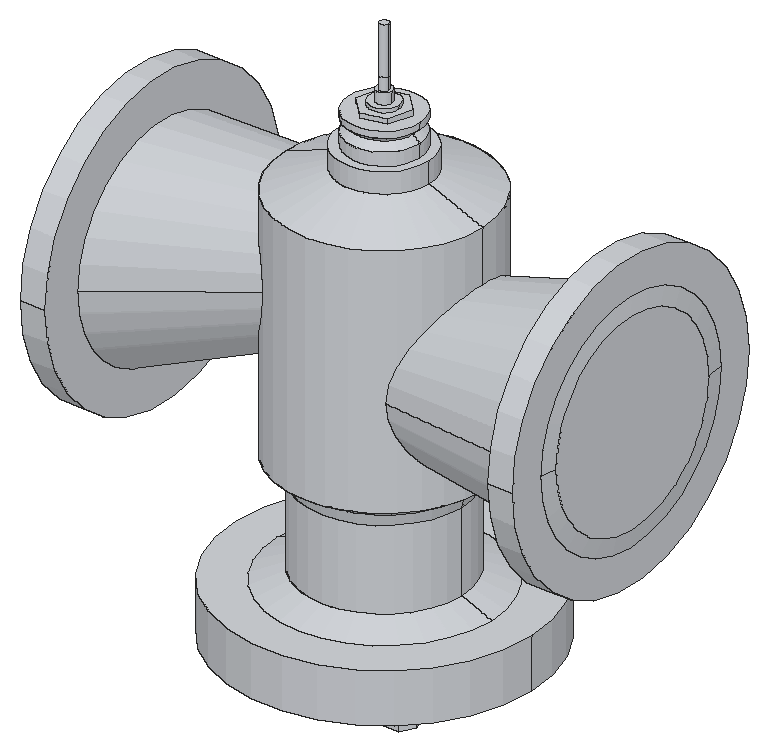
Revit family "2FGB-B_PN16_DN150_RFA_2018", category Pipe Accessories, Revit 2018
Family settings
  Round Connector Dimension = Use Diameter
  Part Type = Valve - Breaks Into
  Work Plane-Based = No
  Always vertical = Yes
  Cut with Voids When Loaded = No
  Shared = No
Parameters (values of type "2FGB-B PN16 DN150")
  magiProductId = ""
  magiProductFamilyId = ""
  magiPartTypeId = 306
  isMeasuringValve [instance] = no
  ang2D [instance] = 0.00°
  Z9 = 4.2 mm
  Z8 = 5.7 mm
  Z7 = 3 mm
  Z6 = 6 mm
  Z5 = 6 mm
  Z4 = 12 mm
  Z3 = 227.45 mm
  Z19 = 9.9 mm
  Z15 = 54.95 mm
  Z14__ve = -Z14  # -19.625 mm
  Z14 = 19.625 mm
  Z13 = 10.97 mm
  Z12 = 76.79 mm
  Z10 = 5.1 mm
  X4 = 47.6 mm
  X2__ve = -X2  # -23.8 mm
  X2 = 23.8 mm
  X1 = 2 mm
  W2D = 150 mm
  VersionID = ""
  Use Minimum Symbol Size [instance] = yes
  URL = "www.hydronix.cz"
  Type Comments = "Přírubový; EQM charakteristika; PN16; -10~+150°C; tlakově vyvážená kuželka"
  R9 = 4 mm
  R7 = 13.88 mm
  R6 = 23.134 mm
  R5 = 27.418 mm
  R4 = 34.272 mm
  R3 = 42.84 mm
  R2 = 77.625 mm
  R13 = 74.52 mm
  R12 = 7.287 mm
  R1 = 62.1 mm
  QmdConnectorList = "301;D;302;D"
  Productdata [instance] = "2FGB150B (DN150; PN16; kvs300; tlakově vyvážená kuželka)"
  Manufacturer = "Hydronix"
  Maintenance Zone Under Depth [instance] = 207 mm
  Maintenance Zone Right Depth [instance] = 175 mm
  Maintenance Zone Over Depth [instance] = 221 mm
  Maintenance Zone Left Depth [instance] = 175 mm
  Maintenance Zone Front Depth [instance] = 110 mm
  Maintenance Zone Back Depth [instance] = 110 mm
  Maintenance Zone Front Visibility [instance] = no
  LT2 = 240 mm
  L2D_Min = 3048 mm
  L2D = 480 mm
  HCDT2 = 103.5 mm
  H4 = 277 mm
  H3 = 157 mm
  H2 = 45 mm
  FDT2 = 142.5 mm
  Description = "2 cestný regulační ventil přírubový; DN150; PN16; kvs300; zdvih 45mm"
  D4 = 92.65 mm
  D3 = 109 mm
  D2 = 95.2 mm
  D = 150 mm
  CenSd_R6_6 = R6 * cos(30.00°)  # 20.034 mm
  CenSd_A_6 = A * cos(30.00°)  # 12.341 mm
  Clearance Zone Height Depth [instance] = 221 mm
  CZONC [instance] = 175 mm
  Clearance Zone Visibility [instance] = no
  B1 = 84.853 mm
  A = 14.25 mm
Types (5, lengths in mm): name | Z9 | Z8 | Z6 | Z5 | Z4 | Z3 | Z19 | Z15 | Z14__ve | Z14 | Z13 | Z12 | Z10 | X4 | X2__ve | X2 | W2D | R7 | R6 | R5 | R4 | R3 | R2 | R13 | R12 | R1 | Productdata | LT2 | L2D | HCDT2 | H4 | H3 | H2 | FDT2 | Description | D4 | D3 | D2 | D | CenSd_R6_6 | CenSd_A_6 | B1 | A
  2FGB-B PN16 DN100 | 4.165 | 5.602 | 5.95 | 5.95 | 11.9 | 168.575 | 9.767 | 40.775 | -14.562 | 14.562 | 8.12 | 56.84 | 5.082 | 34.6 | -17.3 | 17.3 | 100 | 10.089 | 16.816 | 19.93 | 24.912 | 31.14 | 57.375 | 55.08 | 5.297 | 45.9 | "2FGB100B (DN100; PN16; kvs130; tlakově vyvážená kuželka)" | 175 | 350 | 76.5 | 207 | 116.5 | 45 | 110 | "2 cestný regulační ventil přírubový; DN100; PN16; kvs130; zdvih 45mm" | 68.85 | 81 | 69.2 | 100 | 14.563 | 9.526 | 63.64 | 11
  2FGB-B PN16 DN080 | 4.2 | 5.7 | 6 | 6 | 12 | 151.95 | 9.9 | 36.75 | -13.125 | 13.125 | 7.32 | 51.24 | 5.1 | 30.6 | -15.3 | 15.3 | 80 | 8.923 | 14.872 | 17.626 | 22.032 | 27.54 | 49.875 | 47.88 | 4.685 | 39.9 | "2FGB80B (DN80; PN16; kvs100; tlakově vyvážená kuželka)" | 155 | 310 | 66.5 | 187 | 105 | 45 | 100 | "2 cestný regulační ventil přírubový; DN80; PN16; kvs100; zdvih 45mm" | 60.35 | 71 | 61.2 | 80 | 12.879 | 8.66 | 56.569 | 10
  2FGB-B PN16 DN065 | 4.2 | 5.7 | 6 | 6 | 12 | 139.45 | 9.9 | 33.25 | -11.875 | 11.875 | 6.82 | 47.74 | 5.1 | 28.6 | -14.3 | 14.3 | 65 | 8.34 | 13.9 | 16.474 | 20.592 | 25.74 | 44.25 | 42.48 | 4.378 | 35.4 | "2FGB65B (DN65; PN16; kvs63; tlakově vyvážená kuželka)" | 145 | 290 | 59 | 175 | 95 | 25 | 92.5 | "2 cestný regulační ventil přírubový; DN65; PN16; kvs63; zdvih 25mm" | 53.975 | 63.5 | 57.2 | 65 | 12.037 | 8.011 | 51.265 | 9.25
  2FGB-B PN16 DN150 | 4.2 | 5.7 | 6 | 6 | 12 | 227.45 | 9.9 | 54.95 | -19.625 | 19.625 | 10.97 | 76.79 | 5.1 | 47.6 | -23.8 | 23.8 | 150 | 13.88 | 23.134 | 27.418 | 34.272 | 42.84 | 77.625 | 74.52 | 7.287 | 62.1 | "2FGB150B (DN150; PN16; kvs300; tlakově vyvážená kuželka)" | 240 | 480 | 103.5 | 277 | 157 | 45 | 142.5 | "2 cestný regulační ventil přírubový; DN150; PN16; kvs300; zdvih 45mm" | 92.65 | 109 | 95.2 | 150 | 20.034 | 12.341 | 84.853 | 14.25
  2FGB-B PN16 DN125 | 4.2 | 5.7 | 6 | 6 | 12 | 196.45 | 9.9 | 48.65 | -17.375 | 17.375 | 9.22 | 64.54 | 5.1 | 39.6 | -19.8 | 19.8 | 125 | 11.547 | 19.246 | 22.81 | 28.512 | 35.64 | 68.625 | 65.88 | 6.062 | 54.9 | "2FGB125B (DN125; PN16; kvs200; tlakově vyvážená kuželka)" | 200 | 400 | 91.5 | 234 | 139 | 45 | 125 | "2 cestný regulační ventil přírubový; DN125; PN16; kvs200; zdvih 45mm" | 81.6 | 96 | 79.2 | 125 | 16.667 | 10.825 | 74.246 | 12.5
Reference planes
  plane 1 "Center (Front/Back)": y = 0
  plane 2 "XYPLANE": z = 0
  plane 3 "Center (Left/Right)": x = 0
  plane 4 "234": y = -84.853
  plane 5 "233": x = 84.853
  plane 6 "232": x = -84.853
  plane 7 "231": y = 84.853
  plane 8 "225": z = -267
  plane 9 "223": z = 221
  plane 10 "221": x = -175
  plane 11 "220": x = 175
  plane 12 "219": y = -110
  plane 13 "218": y = 110
  plane 14 "196": z = -207
  plane 15 "182": z = 217
  plane 16 "161": z = 205
  plane 17 "158": z = 199.3
  plane 18 "150": z = 195.1
  plane 19 "148": z = 192.1
  plane 20 "142": z = 187
  plane 21 "136": z = 181
  plane 22 "135": z = 175
  plane 23 "131": z = 169
  plane 24 "78": z = 117.75
  plane 25 "77": z = 137.375
  plane 26 "74": z = 157
  plane 27 "70": z = -109.7
  plane 28 "65": z = -120.67
  plane 29 "64": z = -131.64
  plane 30 "58": z = -208.43
  plane 31 "57": z = -219.4
  plane 32 "46": z = -277
  plane 33 "28": x = 214.2
  plane 34 "27": x = 238
  plane 35 "21": z = -20
  plane 36 "16": z = 54.95
  plane 37 "13": x = -214.2
  plane 38 "7": x = -238
  plane 39 "6": x = 240
  plane 40 "5": x = -240
  plane 41 "3": y = 0
  plane 42 "2": z = 0
  plane 43 "1": x = 0
Forms (mm)
  Extrusion 1, solid
    sketch origin (-750, 0, -277) x (1, 0, 0) y (0, 1, 0)
      loop
        line (849.103, -84.853) -> (841.978, -72.512) -> (827.728, -72.512) -> (820.603, -84.853) -> (827.728, -97.194) -> (841.978, -97.194) -> (849.103, -84.853)
    from 0 to 10
  Extrusion 2, solid
    sketch origin (-750, 0, -277) x (1, 0, 0) y (0, 1, 0)
      loop
        line (679.397, -84.853) -> (672.272, -72.512) -> (658.022, -72.512) -> (650.897, -84.853) -> (658.022, -97.194) -> (672.272, -97.194) -> (679.397, -84.853)
    from 0 to 10
  Extrusion 3, solid
    sketch origin (-750, 0, -277) x (1, 0, 0) y (0, 1, 0)
      loop
        line (849.103, 84.853) -> (841.978, 97.194) -> (827.728, 97.194) -> (820.603, 84.853) -> (827.728, 72.512) -> (841.978, 72.512) -> (849.103, 84.853)
    from 0 to 10
  Extrusion 4, solid
    sketch origin (-750, 0, -277) x (1, 0, 0) y (0, 1, 0)
      loop
        line (679.397, 84.853) -> (672.272, 97.194) -> (658.022, 97.194) -> (650.897, 84.853) -> (658.022, 72.512) -> (672.272, 72.512) -> (679.397, 84.853)
    from 0 to 10
  Blend 5, solid, visible <- "Maintenance Zone Front Visibility"
    base sketch origin (-750, 0, 221) x (1, 0, 0) y (0, 1, 0)
      loop
        line (575, 110) -> (575, -110) -> (925, -110) -> (925, 110) -> (575, 110)
    top sketch origin (-750, 0, 221) x (1, 0, 0) y (0, 1, 0)
      loop
        line (575, 110) -> (575, -110) -> (925, -110) -> (925, 110) -> (575, 110)
    from 0 to -428
  Extrusion 6, solid, visible <- "Clearance Zone Visibility"
    sketch origin (-750, 0, 0) x (1, 0, 0) y (0, 1, 0)
      loop
        circle (750, 0) r 175
    from 0 to 221 <- "Clearance Zone Height Depth"
  Extrusion 7, solid
    sketch origin (-750, 0, 195.1) x (1, 0, 0) y (0, 1, 0)
      loop
        circle (750, 0) r 7.287
    from 0 to 9.9 <- "Z19"
  Extrusion 8, solid
    sketch origin (-750, 0, 217) x (1, 0, 0) y (0, 1, 0)
      loop
        circle (750, 0) r 4
    from 0 to 45 <- "H2"
  Extrusion 9, solid
    sketch origin (-750, 0, 205) x (1, 0, 0) y (0, 1, 0)
      loop
        circle (750, 0) r 4
    from 0 to 12 <- "Z4"
  Extrusion 10, solid
    sketch origin (-750, 0, 192.1) x (1, 0, 0) y (0, 1, 0)
      loop
        circle (750, 0) r 13.88
    from 0 to 3 <- "Z7"
  Extrusion 11, solid
    sketch origin (-750, 0, 187) x (1, 0, 0) y (0, 1, 0)
      loop
        line (766.358, -16.358) -> (772.345, 5.987) -> (755.987, 22.345) -> (733.642, 16.358) -> (727.655, -5.987) -> (744.013, -22.345) -> (766.358, -16.358)
    from 0 to 5.1 <- "Z10"
  Extrusion 12, solid
    sketch origin (-750, 0, 181) x (1, 0, 0) y (0, 1, 0)
      loop
        circle (750, 0) r 34.272
    from 0 to 6 <- "Z6"
  Blend 13, solid
    base sketch origin (-750, 0, 175) x (1, 0, 0) y (0, 1, 0)
      loop
        circle (750, 0) r 27.418
    top sketch origin (-750, 0, 175) x (1, 0, 0) y (0, 1, 0)
      loop
        circle (750, 0) r 34.272
    from 0 to 6
  Blend 14, solid
    base sketch origin (-750, 0, 169) x (1, 0, 0) y (0, 1, 0)
      loop
        circle (750, 0) r 34.272
    top sketch origin (-750, 0, 169) x (1, 0, 0) y (0, 1, 0)
      loop
        circle (750, 0) r 27.418
    from 0 to 6
  Extrusion 15, solid
    sketch origin (-750, 0, 157) x (1, 0, 0) y (0, 1, 0)
      loop
        circle (750, 0) r 34.272
    from 0 to 12 <- "Z4"
  Extrusion 16, solid
    sketch origin (-750, 0, 157) x (1, 0, 0) y (0, 1, 0)
      loop
        circle (750, 0) r 42.84
    from 0 to -19.625 <- "Z14__ve"
  Blend 17, solid
    base sketch origin (-750, 0, 117.75) x (1, 0, 0) y (0, 1, 0)
      loop
        circle (750, 0) r 95.2
    top sketch origin (-750, 0, 117.75) x (1, 0, 0) y (0, 1, 0)
      loop
        circle (750, 0) r 42.84
    from 0 to 19.625
  Blend 18, solid
    base sketch origin (-750, 0, -120.67) x (1, 0, 0) y (0, 1, 0)
      loop
        circle (750, 0) r 77.625
    top sketch origin (-750, 0, -120.67) x (1, 0, 0) y (0, 1, 0)
      loop
        circle (750, 0) r 95.2
    from 0 to 10.97
  Blend 19, solid
    base sketch origin (-750, 0, -131.64) x (1, 0, 0) y (0, 1, 0)
      loop
        circle (750, 0) r 74.52
    top sketch origin (-750, 0, -131.64) x (1, 0, 0) y (0, 1, 0)
      loop
        circle (750, 0) r 77.625
    from 0 to 10.97
  Extrusion 20, solid
    sketch origin (-750, 0, -208.43) x (1, 0, 0) y (0, 1, 0)
      loop
        circle (750, 0) r 74.52
    from 0 to 76.79 <- "Z12"
  Blend 21, solid
    base sketch origin (-750, 0, -219.4) x (1, 0, 0) y (0, 1, 0)
      loop
        circle (750, 0) r 103.5
    top sketch origin (-750, 0, -219.4) x (1, 0, 0) y (0, 1, 0)
      loop
        circle (750, 0) r 74.52
    from 0 to 10.97
  Extrusion 22, solid
    sketch origin (-750, 0, -267) x (1, 0, 0) y (0, 1, 0)
      loop
        circle (750, 0) r 142.5
    from 0 to 47.6 <- "X4"
  Blend 23, solid
    base sketch origin (238, -750, 0) x (0, 1, 0) y (0, 0, 1)
      loop
        circle (750, 0) r 109
    top sketch origin (238, -750, 0) x (0, 1, 0) y (0, 0, 1)
      loop
        circle (750, 0) r 92.65
    from 0 to 2
  Blend 24, solid
    base sketch origin (-240, -750, 0) x (0, 1, 0) y (0, 0, 1)
      loop
        circle (750, 0) r 92.65
    top sketch origin (-240, -750, 0) x (0, 1, 0) y (0, 0, 1)
      loop
        circle (750, 0) r 109
    from 0 to 2
  Extrusion 25, solid
    sketch origin (238, -750, 0) x (0, 1, 0) y (0, 0, 1)
      loop
        circle (750, 0) r 142.5
    from 0 to -23.8 <- "X2__ve"
  Blend 26, solid
    base sketch origin (0, -750, 0) x (0, 1, 0) y (0, 0, 1)
      loop
        circle (750, -20) r 62.1
    top sketch origin (0, -750, 0) x (0, 1, 0) y (0, 0, 1)
      loop
        circle (750, 0) r 103.5
    from 0 to 214.2
  Extrusion 27, solid
    sketch origin (-750, 0, -109.7) x (1, 0, 0) y (0, 1, 0)
      loop
        circle (750, 0) r 95.2
    from 0 to 227.45 <- "Z3"
  Blend 28, solid
    base sketch origin (-214.2, -750, 0) x (0, 1, 0) y (0, 0, 1)
      loop
        circle (750, 0) r 103.5
    top sketch origin (-214.2, -750, 0) x (0, 1, 0) y (0, 0, 1)
      loop
        circle (750, 54.95) r 62.1
    from 0 to 214.2
  Extrusion 29, solid
    sketch origin (-238, -750, 0) x (0, 1, 0) y (0, 0, 1)
      loop
        circle (750, 0) r 142.5
    from 0 to 23.8 <- "X2"
  Extrusion 30, solid, not visible
    sketch origin (240, -750, 0) x (0, 1, 0) y (0, 0, 1)
      loop
        circle (750, 0) r 10
    from 0 to -10
  Extrusion 31, solid, not visible
    sketch origin (-240, -750, 0) x (0, 1, 0) y (0, 0, 1)
      loop
        circle (750, 0) r 10
    from 0 to 10
Lines and regions (mm)
  reference lines, not visible
    curve 1: circle (2, 2, 0) r 1 normal (0, 0, 1)
  reference lines
    curve 2: line (84.853, -84.853, -277) -> (82.103, -80.09, -277)
    curve 3: line (84.853, -84.853, -277) -> (79.353, -84.853, -277)
    curve 4: line (84.853, -84.853, -277) -> (82.103, -89.616, -277)
    curve 5: line (-84.853, -84.853, -277) -> (-87.603, -80.09, -277)
    curve 6: line (-84.853, -84.853, -277) -> (-90.353, -84.853, -277)
    curve 7: line (-84.853, -84.853, -277) -> (-87.603, -89.616, -277)
    curve 8: line (84.853, 84.853, -277) -> (82.103, 89.616, -277)
    curve 9: line (84.853, 84.853, -277) -> (79.353, 84.853, -277)
    curve 10: line (84.853, 84.853, -277) -> (82.103, 80.09, -277)
    curve 11: line (-84.853, 84.853, -277) -> (-87.603, 89.616, -277)
    curve 12: line (-84.853, 84.853, -277) -> (-90.353, 84.853, -277)
    curve 13: line (-84.853, 84.853, -277) -> (-87.603, 80.09, -277)
    curve 14: line (0, 0, 187) -> (2.176, 8.121, 187)
    curve 15: line (0, 0, 187) -> (-5.945, 5.945, 187)
    curve 16: line (0, 0, 187) -> (-8.121, -2.176, 187)
Dimensions and locks
  plane 1 "Center (Front/Back)" to curve 1 = 2 mm
  "B1": plane 1 "Center (Front/Back)" to plane 4 "234"
  "B1": plane 3 "Center (Left/Right)" to plane 5 "233"
  "B1": plane 3 "Center (Left/Right)" to plane 6 "232"
  "B1": plane 1 "Center (Front/Back)" to plane 7 "231"
  locked: plane 32 "46" to plane 8 "225" at 10
  "Maintenance Zone Over Depth": plane 2 "XYPLANE" to plane 9 "223"
  "Maintenance Zone Left Depth": plane 3 "Center (Left/Right)" to plane 10 "221"
  "Maintenance Zone Right Depth": plane 3 "Center (Left/Right)" to plane 11 "220"
  "Maintenance Zone Front Depth": plane 1 "Center (Front/Back)" to plane 12 "219"
  "Maintenance Zone Back Depth": plane 1 "Center (Front/Back)" to plane 13 "218"
  "Maintenance Zone Under Depth": plane 2 "XYPLANE" to plane 14 "196"
  "Z4": plane 16 "161" to plane 15 "182"
  "Z8": plane 17 "158" to plane 16 "161"
  "Z9": plane 18 "150" to plane 17 "158"
  "Z7": plane 19 "148" to plane 18 "150"
  "Z10": plane 20 "142" to plane 19 "148"
  "Z6": plane 21 "136" to plane 20 "142"
  "Z5": plane 22 "135" to plane 21 "136"
  "Z5": plane 23 "131" to plane 22 "135"
  "Z4": plane 26 "74" to plane 23 "131"
  "Z14": plane 25 "77" to plane 24 "78"
  "Z14": plane 26 "74" to plane 25 "77"
  "H3": plane 2 "XYPLANE" to plane 26 "74"
  "Z13": plane 28 "65" to plane 27 "70"
  "Z13": plane 29 "64" to plane 28 "65"
  "Z12": plane 30 "58" to plane 29 "64"
  "Z13": plane 31 "57" to plane 30 "58"
  "X4": plane 8 "225" to plane 31 "57"
  "H4": plane 2 "XYPLANE" to plane 32 "46"
  "X2": plane 34 "27" to plane 33 "28"
  "X1": plane 39 "6" to plane 34 "27"
  locked: plane 42 "2" to plane 35 "21" at 20
  "Z15": plane 42 "2" to plane 36 "16"
  "X2": plane 38 "7" to plane 37 "13"
  "X1": plane 40 "5" to plane 38 "7"
  "LT2": plane 3 "Center (Left/Right)" to plane 39 "6"
  "LT2": plane 3 "Center (Left/Right)" to plane 40 "5"
  locked: plane 1 "Center (Front/Back)" to plane 41 "3"
  locked: plane 2 "XYPLANE" to plane 42 "2"
  locked: plane 3 "Center (Left/Right)" to plane 43 "1"
  "CenSd_A_6": curve 2 to Extrusion 1 sketch curve  (x2)
  "CenSd_A_6": curve 3 to Extrusion 1 sketch curve  (x2)
  "CenSd_A_6": curve 4 to Extrusion 1 sketch curve  (x2)
  "CenSd_A_6": curve 5 to Extrusion 2 sketch curve  (x2)
  "CenSd_A_6": curve 6 to Extrusion 2 sketch curve  (x2)
  "CenSd_A_6": curve 7 to Extrusion 2 sketch curve  (x2)
  "CenSd_A_6": curve 8 to Extrusion 3 sketch curve  (x2)
  "CenSd_A_6": curve 9 to Extrusion 3 sketch curve  (x2)
  "CenSd_A_6": curve 10 to Extrusion 3 sketch curve  (x2)
  "CenSd_A_6": curve 11 to Extrusion 4 sketch curve  (x2)
  "CenSd_A_6": curve 12 to Extrusion 4 sketch curve  (x2)
  "CenSd_A_6": curve 13 to Extrusion 4 sketch curve  (x2)
  "CenSd_R6_6": curve 14 to Extrusion 11 sketch curve  (x2)
  "CenSd_R6_6": curve 15 to Extrusion 11 sketch curve  (x2)
  "CenSd_R6_6": curve 16 to Extrusion 11 sketch curve  (x2)
  "CZONC": radius of Extrusion 6 sketch curve
  "R12": radius of Extrusion 7 sketch curve
  "R9": radius of Extrusion 8 sketch curve
  "R9": radius of Extrusion 9 sketch curve
  "R7": radius of Extrusion 10 sketch curve
  "R4": radius of Extrusion 12 sketch curve
  "R4": radius of Blend 13 sketch curve
  "R5": radius of Blend 13 sketch curve
  "R5": radius of Blend 14 sketch curve
  "R4": radius of Blend 14 sketch curve
  "R4": radius of Extrusion 15 sketch curve
  "R3": radius of Extrusion 16 sketch curve
  "R3": radius of Blend 17 sketch curve
  "D2": radius of Blend 17 sketch curve
  "D2": radius of Blend 18 sketch curve
  "R2": radius of Blend 18 sketch curve
  "R2": radius of Blend 19 sketch curve
  "R13": radius of Blend 19 sketch curve
  "R13": radius of Extrusion 20 sketch curve
  "R13": radius of Blend 21 sketch curve
  "HCDT2": radius of Blend 21 sketch curve
  "FDT2": radius of Extrusion 22 sketch curve
  "D4": radius of Blend 23 sketch curve
  "D3": radius of Blend 23 sketch curve
  "D3": radius of Blend 24 sketch curve
  "D4": radius of Blend 24 sketch curve
  "FDT2": radius of Extrusion 25 sketch curve
  "HCDT2": radius of Blend 26 sketch curve
  "R1": radius of Blend 26 sketch curve
  "D2": radius of Extrusion 27 sketch curve
  "R1": radius of Blend 28 sketch curve
  "HCDT2": radius of Blend 28 sketch curve
  "FDT2": radius of Extrusion 29 sketch curve
  locked: curve 3 to curve 2 (angle 60.00°)
  locked: curve 4 to curve 3 (angle 60.00°)
  locked: curve 4 to curve 2 (angle 120.00°)
  locked: curve 6 to curve 5 (angle 60.00°)
  locked: curve 7 to curve 6 (angle 60.00°)
  locked: curve 7 to curve 5 (angle 120.00°)
  locked: curve 9 to curve 8 (angle 60.00°)
  locked: curve 10 to curve 9 (angle 60.00°)
  locked: curve 10 to curve 8 (angle 120.00°)
  locked: curve 12 to curve 11 (angle 60.00°)
  locked: curve 13 to curve 12 (angle 60.00°)
  locked: curve 13 to curve 11 (angle 120.00°)
  locked: curve 15 to curve 14 (angle 60.00°)
  locked: curve 16 to curve 15 (angle 60.00°)
  locked: curve 16 to curve 14 (angle 120.00°)
  aligned and locked: level to plane 2 "XYPLANE"
  aligned and locked: plane 4 "234" to curve 2
  aligned and locked: plane 5 "233" to curve 2
  aligned and locked: plane 4 "234" to curve 5
  aligned and locked: plane 6 "232" to curve 5
  aligned and locked: plane 5 "233" to curve 8
  aligned and locked: plane 7 "231" to curve 8
  aligned and locked: plane 6 "232" to curve 11
  aligned and locked: plane 7 "231" to curve 11
  aligned and locked: plane 13 "218" to Blend 5 sketch curve  (x4)
  aligned and locked: plane 12 "219" to Blend 5 sketch curve  (x4)
  aligned and locked: plane 10 "221" to Blend 5 sketch curve  (x4)
  aligned and locked: plane 11 "220" to Blend 5 sketch curve  (x4)
  aligned and locked: Blend 5 to plane 14 "196"
  aligned and locked: plane 41 "3" to Extrusion 6 sketch curve
  aligned and locked: plane 43 "1" to Extrusion 6 sketch curve
  aligned and locked: plane 41 "3" to Extrusion 7 sketch curve
  aligned and locked: plane 43 "1" to Extrusion 7 sketch curve
  aligned and locked: plane 41 "3" to Extrusion 8 sketch curve
  aligned and locked: plane 43 "1" to Extrusion 8 sketch curve
  aligned and locked: plane 41 "3" to Extrusion 9 sketch curve
  aligned and locked: plane 43 "1" to Extrusion 9 sketch curve
  aligned and locked: plane 41 "3" to Extrusion 10 sketch curve
  aligned and locked: plane 43 "1" to Extrusion 10 sketch curve
  aligned and locked: plane 41 "3" to curve 14
  aligned and locked: plane 43 "1" to curve 14
  aligned and locked: plane 41 "3" to Extrusion 12 sketch curve
  aligned and locked: plane 43 "1" to Extrusion 12 sketch curve
  aligned and locked: plane 41 "3" to Blend 13 sketch curve  (x2)
  aligned and locked: plane 43 "1" to Blend 13 sketch curve  (x2)
  aligned and locked: plane 21 "136" to Blend 13
  aligned and locked: plane 41 "3" to Blend 14 sketch curve  (x2)
  aligned and locked: plane 43 "1" to Blend 14 sketch curve  (x2)
  aligned and locked: plane 22 "135" to Blend 14
  aligned and locked: plane 41 "3" to Extrusion 15 sketch curve
  aligned and locked: plane 43 "1" to Extrusion 15 sketch curve
  aligned and locked: plane 41 "3" to Extrusion 16 sketch curve
  aligned and locked: plane 43 "1" to Extrusion 16 sketch curve
  aligned and locked: plane 41 "3" to Blend 17 sketch curve  (x2)
  aligned and locked: plane 43 "1" to Blend 17 sketch curve  (x2)
  aligned and locked: plane 25 "77" to Blend 17
  aligned and locked: plane 41 "3" to Blend 18 sketch curve  (x2)
  aligned and locked: plane 43 "1" to Blend 18 sketch curve  (x2)
  aligned and locked: plane 27 "70" to Blend 18
  aligned and locked: plane 41 "3" to Blend 19 sketch curve  (x2)
  aligned and locked: plane 43 "1" to Blend 19 sketch curve  (x2)
  aligned and locked: plane 28 "65" to Blend 19
  aligned and locked: plane 41 "3" to Extrusion 20 sketch curve
  aligned and locked: plane 43 "1" to Extrusion 20 sketch curve
  aligned and locked: plane 41 "3" to Blend 21 sketch curve  (x2)
  aligned and locked: plane 43 "1" to Blend 21 sketch curve  (x2)
  aligned and locked: plane 30 "58" to Blend 21
  aligned and locked: plane 41 "3" to Extrusion 22 sketch curve
  aligned and locked: plane 43 "1" to Extrusion 22 sketch curve
  aligned and locked: Blend 23 sketch curve to plane 41 "3"  (x2)
  aligned and locked: plane 42 "2" to Blend 23 sketch curve  (x2)
  aligned and locked: plane 39 "6" to Blend 23
  aligned and locked: Blend 24 sketch curve to plane 41 "3"  (x2)
  aligned and locked: plane 42 "2" to Blend 24 sketch curve  (x2)
  aligned and locked: plane 38 "7" to Blend 24
  aligned and locked: Extrusion 25 sketch curve to plane 41 "3"
  aligned and locked: plane 42 "2" to Extrusion 25 sketch curve
  aligned and locked: Blend 26 sketch curve to plane 41 "3"  (x2)
  aligned and locked: plane 42 "2" to Blend 26 sketch curve
  aligned and locked: plane 35 "21" to Blend 26 sketch curve
  aligned and locked: plane 33 "28" to Blend 26
  aligned and locked: plane 41 "3" to Extrusion 27 sketch curve
  aligned and locked: plane 43 "1" to Extrusion 27 sketch curve
  aligned and locked: plane 36 "16" to Blend 28 sketch curve
  aligned and locked: plane 41 "3" to Blend 28 sketch curve
  aligned and locked: Blend 28 sketch curve to plane 41 "3"
  aligned and locked: plane 42 "2" to Blend 28 sketch curve
  aligned and locked: plane 43 "1" to Blend 28
  aligned and locked: Extrusion 29 sketch curve to plane 41 "3"
  aligned and locked: plane 42 "2" to Extrusion 29 sketch curve
  aligned and locked: Extrusion 30 sketch curve to plane 41 "3"
  aligned and locked: plane 42 "2" to Extrusion 30 sketch curve
  aligned and locked: Extrusion 31 sketch curve to plane 41 "3"
  aligned and locked: plane 42 "2" to Extrusion 31 sketch curve
Automatic sketch dimensions
  plane 1 "Center (Front/Back)" to curve 16 = 2.176 mm
  plane 1 "Center (Front/Back)" to Extrusion 30 sketch curve = 10 mm
  plane 1 "Center (Front/Back)" to Extrusion 31 sketch curve = 10 mm
  plane 3 "Center (Left/Right)" to curve 1 = 2 mm
  radius of curve 1 = 1 mm
Connectors
  piping at (-240, 0, 0), diameter 150, driven by "D"
    settings: on Extrusion 31, index 1, connector inside diameter 609.6 mm, connector length 0 mm, flow factor 0, pipe flow 0.0 L/s, pressure drop 0.0 Pa, fitting loss kfactor 0, connector angle 0.00°, fixture units 0, engagement length 0 mm, angle of deflection 0.00°, flow configuration 0, flow direction 0, fitting loss method 0, system type 29, joint type 0, gender type 0, connector reference index 2, connector utility 0, adjustable connector no, is connector primary yes, connector description ""
  piping at (240, 0, 0), diameter 150, driven by "D"
    settings: on Extrusion 30, index 2, connector inside diameter 609.6 mm, connector length 0 mm, flow factor 0, pipe flow 0.0 L/s, pressure drop 0.0 Pa, fitting loss kfactor 0, connector angle 0.00°, fixture units 0, engagement length 0 mm, angle of deflection 0.00°, flow configuration 0, flow direction 0, fitting loss method 0, system type 29, joint type 0, gender type 0, connector reference index 1, connector utility 0, adjustable connector no, is connector primary no, connector description ""
